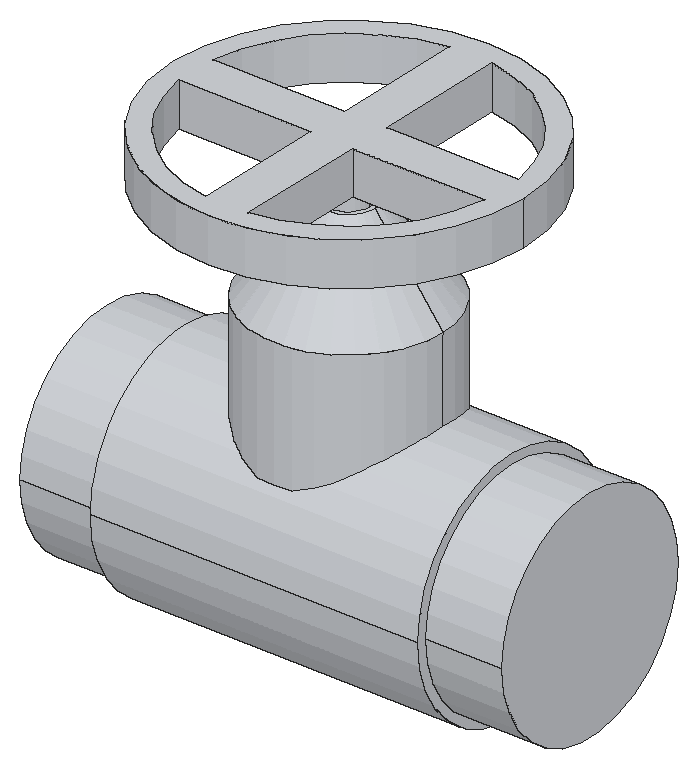
Revit family "Válvula de pressão - 20-25 mm", category Acessórios do tubo, Revit 2019
Family settings
  Cota do conector redondo = Usar raio
  Tipo de parte = Válvula - Quebra entre
  ID de item do Seek = Gate Valve - 50-300 mm-0000-CAN-ENU
  Com base no plano de trabalho = Não
  Sempre na vertical = Sim
  Corte com vazios quando carregada = Não
  Compartilhado = Não
Parameters (values of type "20 mm")
  Material da válvula = none
  Largura do símbolo = 0.5 * Comprimento do corpo * tan(30.00°)  # 15.877 mm
  Raio do tronco = 1 / 2 * Diâmetro do tronco  # 3.00 mm
  Altura do tronco = 10.00 mm
  Diâmetro do tronco = 6.00 mm
  Diâmetro externo do soquete = 25.00 mm
  Altura aberta = 40.00 mm
  Raio nominal = 10 mm
  Diâmetro nominal = Raio nominal * 2  # 20 mm
  Método de perda = Coeficiente K
  K Coefficient = 20.6
  Raio externo do soquete = Diâmetro externo do soquete / 2  # 12.50 mm
  Altura da mão = 5.00 mm
  Raio da manivela = 1 / 2 * Diâmetro da manivela  # 20.00 mm
  Diâmetro da manivela = 40.00 mm
  Mão 2 = 2.40 mm
  Mão = 17.60 mm
  Espessura da flange 2 = 8.80 mm
  Espessura da flange 1 = 8.80 mm
  Raio externo da conexão = Diâmetro externo da conexão / 2  # 13.50 mm
  Diâmetro externo da conexão = 27.00 mm
  Raio da chapeleta = 1 / 2 * Diâmetro da chapeleta  # 10.75 mm
  Altura da chapeleta = 13.00 mm
  Diâmetro da chapeleta = 21.50 mm
  Comprimento do corpo = 55.00 mm
Types (3, lengths in mm): name | Largura do símbolo | Raio do tronco | Altura do tronco | Diâmetro do tronco | Diâmetro externo do soquete | Altura aberta | Raio nominal | Diâmetro nominal | K Coefficient | Raio externo do soquete | Altura da mão | Raio da manivela | Diâmetro da manivela | Mão 2 | Mão | Espessura da flange 2 | Espessura da flange 1 | Raio externo da conexão | Diâmetro externo da conexão | Raio da chapeleta | Altura da chapeleta | Diâmetro da chapeleta | Comprimento do corpo
  (no name) | 15.877 | 3.00 | 10.00 | 6.00 | 25.00 | 40.00 | 10 | 20 | 20.6 | 12.50 | 5.00 | 20.00 | 40.00 | 2.40 | 17.60 | 8.80 | 8.80 | 13.50 | 27.00 | 10.75 | 13.00 | 21.50 | 55.00
  25 mm | 17.032 | 3.75 | 12.50 | 7.50 | 31.25 | 50.00 | 12.5 | 25 | 33.5 | 15.625 | 6.25 | 25.00 | 50.00 | 3.00 | 22.00 | 11.00 | 11.00 | 17.50 | 35.00 | 13.50 | 17.00 | 27.00 | 59.00
  20 mm | 15.877 | 3.00 | 10.00 | 6.00 | 25.00 | 40.00 | 10 | 20 | 20.6 | 12.50 | 5.00 | 20.00 | 40.00 | 2.40 | 17.60 | 8.80 | 8.80 | 13.50 | 27.00 | 10.75 | 13.00 | 21.50 | 55.00
Reference planes
  plane 1 "Centro (Frente/Trás)": y = 0
  plane 2: z = 0
  plane 3 "Centro (Esquerda/Direita)": x = 0
  plane 4: x = -27.5
  plane 5: x = 27.5
  plane 6: x = -18.7
  plane 7: x = 18.7
  plane 8: z = 40
  plane 9: z = 35
  plane 10: z = 33
  plane 11: z = 10
  plane 12: z = 23
  plane 13: y = 15.877
  plane 14: y = -15.877
  plane 15: y = 2.4
  plane 16: y = -2.4
  plane 17: x = 2.4
  plane 18: x = -2.4
Forms (mm)
  Extrusion 1, solid, material <- "Material da válvula", detail levels fine
    sketch origin (0, 0, 0) x (0, 1, 0) y (0, 0, 1)
      loop
        circle (0, 0) r 12.5
    from -27.5 to -18.7
  Extrusion 2, solid, material <- "Material da válvula", detail levels fine
    sketch origin (0, 0, 0) x (0, 1, 0) y (0, 0, 1)
      loop
        circle (0, 0) r 12.5
    from 18.7 to 27.5
  Extrusion 3, solid, material <- "Material da válvula", detail levels fine
    sketch origin (0, 0, 0) x (0, 1, 0) y (0, 0, 1)
      loop
        circle (0, 0) r 13.5
    from -18.7 to 18.7
  Extrusion 4, solid, material <- "Material da válvula", detail levels fine
    sketch origin (0, 0, 0) x (1, 0, 0) y (0, 1, 0)
      loop
        circle (0, 0) r 20
    from 35 to 40
  Extrusion 5, solid, material <- "Material da válvula", detail levels fine
    sketch origin (0, 0, 0) x (1, 0, 0) y (0, 1, 0)
      loop
        circle (0, 0) r 10.75
    from 0 to 23
  Blend 6, solid, material <- "Material da válvula", detail levels fine
    base sketch origin (0, 0, 0) x (1, 0, 0) y (0, 1, 0)
      loop
        circle (0, 0) r 10.75
    top sketch origin (0, 0, 0) x (1, 0, 0) y (0, 1, 0)
      loop
        circle (0, 0) r 3
    from 23 to 33
  Extrusion 7, void
    sketch origin (0, 0, 0) x (1, 0, 0) y (0, 1, 0)
      loop
        line (-17.436, 2.4) -> (-2.4, 2.4) -> (-2.4, 17.436)
        arc (-2.4, 17.436) -> (-12.445, 12.445) -> (-17.436, 2.4) r 17.6
      loop
        line (2.4, 17.436) -> (2.4, 2.4) -> (17.436, 2.4)
        arc (17.436, 2.4) -> (12.445, 12.445) -> (2.4, 17.436) r 17.6
      loop
        line (-2.4, -2.4) -> (-17.436, -2.4)
        arc (-17.436, -2.4) -> (-12.445, -12.445) -> (-2.4, -17.436) r 17.6
        line (-2.4, -17.436) -> (-2.4, -2.4)
      loop
        line (2.4, -2.4) -> (2.4, -17.436)
        arc (2.4, -17.436) -> (12.445, -12.445) -> (17.436, -2.4) r 17.6
        line (17.436, -2.4) -> (2.4, -2.4)
    from 35 to 40
  Extrusion 8, solid, material <- "Material da válvula", detail levels fine
    sketch origin (0, 0, 0) x (1, 0, 0) y (0, 1, 0)
      loop
        circle (0, 0) r 2.4
    from 33 to 35
Cuts and joins
  Extrusion 7 cuts Extrusion 1
  Extrusion 7 cuts Extrusion 2
  Extrusion 7 cuts Extrusion 3
  Extrusion 7 cuts Extrusion 4
  Extrusion 7 cuts Extrusion 5
  Extrusion 7 cuts Blend 6
  joined: Extrusion 1, Extrusion 2, Extrusion 3, Extrusion 4, Extrusion 5, Blend 6, Extrusion 8
Lines and regions (mm)
  model lines, detail levels coarse+medium
    curve 1: line (-27.5, 15.877, 0) -> (-27.5, -15.877, 0)
    curve 2: line (27.5, 15.877, 0) -> (27.5, -15.877, 0)
    curve 3: line (27.5, 15.877, 0) -> (-27.5, -15.877, 0)
    curve 4: line (-27.5, 15.877, 0) -> (27.5, -15.877, 0)
Dimensions and locks
  "Comprimento do corpo": plane 4 to plane 5
  "Espessura da flange 1": plane 4 to plane 6
  "Espessura da flange 2": plane 7 to plane 5
  "Raio nominal": plane 11 to plane 2
  "Altura da chapeleta": plane 12 to plane 11
  "Largura do símbolo": plane 13 to plane 1 "Centro (Frente/Trás)"
  "Largura do símbolo": plane 14 to plane 1 "Centro (Frente/Trás)"
  equal spacing: plane 15, plane 1 "Centro (Frente/Trás)", plane 16
  equal spacing: plane 18, plane 3 "Centro (Esquerda/Direita)", plane 17
  "Mão 2": plane 3 "Centro (Esquerda/Direita)" to plane 17
  "Mão 2": plane 16 to plane 1 "Centro (Frente/Trás)"
  "Altura aberta": plane 8 to level
  "Altura da mão": plane 8 to plane 9
  equal spacing: plane 6, plane 3 "Centro (Esquerda/Direita)", plane 7
  "Altura do tronco": plane 10 to plane 12
  "Raio externo do soquete": radius of Extrusion 1 sketch curve
  "Raio externo do soquete": radius of Extrusion 2 sketch curve
  "Raio externo da conexão": radius of Extrusion 3 sketch curve
  "Raio da manivela": radius of Extrusion 4 sketch curve
  "Raio da chapeleta": radius of Extrusion 5 sketch curve
  "Raio da chapeleta": radius of Blend 6 sketch curve
  "Raio do tronco": radius of Blend 6 sketch curve
  "Mão": radius of Extrusion 7 sketch curve  (x4)
  aligned and locked: plane 2 to Extrusion 1 sketch curve
  aligned and locked: plane 1 "Centro (Frente/Trás)" to Extrusion 1 sketch curve
  aligned and locked: Extrusion 1 to plane 4
  aligned and locked: plane 6 to Extrusion 1
  aligned and locked: plane 2 to Extrusion 2 sketch curve
  aligned and locked: plane 1 "Centro (Frente/Trás)" to Extrusion 2 sketch curve
  aligned and locked: plane 5 to Extrusion 2
  aligned and locked: Extrusion 2 to plane 7
  aligned and locked: plane 2 to Extrusion 3 sketch curve
  aligned and locked: plane 1 "Centro (Frente/Trás)" to Extrusion 3 sketch curve
  aligned and locked: Extrusion 3 to plane 6
  aligned and locked: plane 7 to Extrusion 3
  aligned and locked: plane 1 "Centro (Frente/Trás)" to Extrusion 4 sketch curve
  aligned and locked: plane 3 "Centro (Esquerda/Direita)" to Extrusion 4 sketch curve
  aligned and locked: Extrusion 4 to plane 8
  aligned and locked: plane 9 to Extrusion 4
  aligned and locked: plane 1 "Centro (Frente/Trás)" to Extrusion 5 sketch curve
  aligned and locked: plane 3 "Centro (Esquerda/Direita)" to Extrusion 5 sketch curve
  aligned and locked: Extrusion 5 to plane 2
  aligned and locked: Extrusion 5 to plane 12
  aligned and locked: plane 1 "Centro (Frente/Trás)" to Blend 6 sketch curve  (x2)
  aligned and locked: plane 3 "Centro (Esquerda/Direita)" to Blend 6 sketch curve  (x2)
  aligned and locked: plane 12 to Blend 6
  aligned and locked: plane 13 to curve 1
  aligned and locked: plane 14 to curve 1
  aligned and locked: curve 1 to plane 4
  aligned and locked: plane 13 to curve 2
  aligned and locked: plane 14 to curve 2
  aligned and locked: curve 2 to plane 5
  aligned and locked: Extrusion 7 sketch curve to plane 15  (x2)
  aligned and locked: Extrusion 7 sketch curve to plane 18
  aligned and locked: Extrusion 7 sketch curve to plane 17
  aligned and locked: plane 18 to Extrusion 7 sketch curve
  aligned and locked: plane 16 to Extrusion 7 sketch curve
  aligned and locked: Extrusion 7 sketch curve to Extrusion 7 sketch curve
  aligned and locked: Extrusion 7 sketch curve to plane 16
  aligned and locked: Extrusion 4 to Extrusion 7  (x2)
  aligned and locked: Blend 6 to plane 10
  aligned and locked: plane 10 to Extrusion 8
  aligned and locked: Extrusion 8 to plane 9
Automatic sketch dimensions
  Extrusion 7 sketch curve to Extrusion 7 sketch curve = 0.00 mm  (x6)
  plane 1 "Centro (Frente/Trás)" to Extrusion 7 sketch curve = 0.00 mm
  Extrusion 7 sketch curve to plane 3 "Centro (Esquerda/Direita)" = 0.00 mm
  plane 1 "Centro (Frente/Trás)" to Extrusion 8 sketch curve = 0.00 mm
  Extrusion 8 sketch curve to plane 3 "Centro (Esquerda/Direita)" = 0.00 mm
  radius of Extrusion 8 sketch curve = 2.40 mm
Connectors
  piping at (-27.5, 0, 0), diameter 20, driven by "Raio nominal"
    settings: on cut or joined group of Extrusion 1, Extrusion 2, Extrusion 3, Extrusion 4, Extrusion 5, Blend 6, Extrusion 7, Extrusion 8, index 1, connector inside diameter 20 mm, connector length 0.00 mm, flow factor 0, pipe flow 0.0 L/s, pressure drop 0.0 Pa, fitting loss kfactor 0, connector angle 0.00°, fixture units 0, engagement length 0.00 mm, angle of deflection 0.00°, flow configuration 0, flow direction 0, fitting loss method 0, system type 29, joint type 0, gender type 0, connector reference index 2, connector utility 0, adjustable connector no, is connector primary yes, connector description ""
  piping at (27.5, 0, 0), diameter 20, driven by "Raio nominal", driven by "K Coefficient"
    settings: on cut or joined group of Extrusion 1, Extrusion 2, Extrusion 3, Extrusion 4, Extrusion 5, Blend 6, Extrusion 7, Extrusion 8, index 2, connector inside diameter 20 mm, connector length 0.00 mm, flow factor 0, pipe flow 0.0 L/s, pressure drop 0.0 Pa, fitting loss kfactor 20.6, connector angle 0.00°, fixture units 0, engagement length 0.00 mm, angle of deflection 0.00°, flow configuration 0, flow direction 0, fitting loss method 0, system type 29, joint type 0, gender type 0, connector reference index 1, connector utility 0, adjustable connector no, is connector primary no, connector description ""
